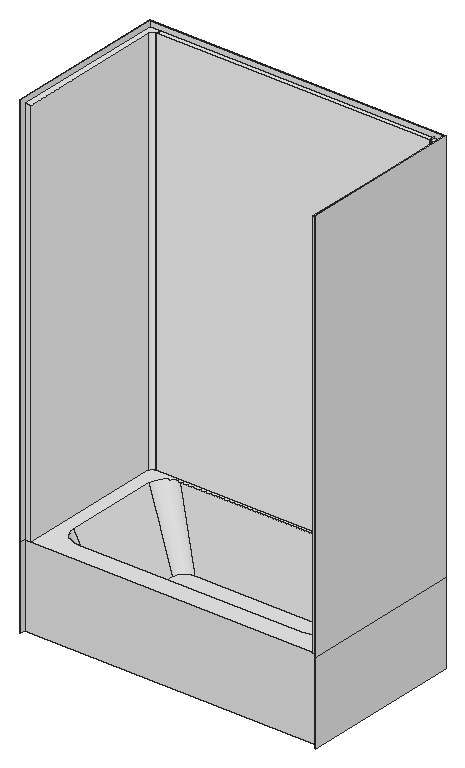
Revit family "XB3TS6032CP", category Plumbing Fixtures, Revit 2017
Family settings
  Round Connector Dimension = Use Diameter
  Part Type = Normal
  OmniClass Number = 23.45.05.14.17
  OmniClass Title = Showers
  Work Plane-Based = No
  Always vertical = Yes
  Cut with Voids When Loaded = No
  Shared = No
  Room Calculation Point = No
Parameters (values of type "XB3TS6032CP")
  Unit Width = 60"
  Unit Height = 97"
  URL = "http://www.bestbath.com"
  Type Comments = "Independent Living"
  Model = "XB3TS6032CP"
  Material [instance] = Best Bath Gelcoat Fiberglass - 4 x 8 Subway Tile
  Manufacturer = "Best Bath Systems, Inc."
  Keynote = "22 40 00.D3"
  Description = "12 X 18 Subway Tile Finish"
  Assembly Code = "D2010700"
Reference planes (in)
  plane 1 "Back": y = 1
  plane 2: z = 0.25
  plane 3 "Left": x = 0
  plane 4: x = 60
  plane 5: y = -31
  plane 6: z = 96.25
  plane 7: z = 97.25
  plane 8: x = 52
  plane 9: z = 16.75
  plane 10: y = -15
  plane 11: y = -0.25
  plane 12: x = 10
  plane 13: x = 55.5
  plane 14: y = -3.375
  plane 15: y = -24.5
  plane 16: y = -0.875
  plane 17: y = -27
  plane 18: x = 4
  plane 19: x = 57
  plane 20: x = 1.25
  plane 21: x = 58.75
  plane 22: y = -32
  plane 23: z = 36.75
Forms (in)
  Extrusion 1, solid, material "Best Bath Gelcoat Fiberglass - Smooth"
    sketch origin (0, 0, 0.25) x (1, 0, 0) y (0, 1, 0)
      loop
        line (60, -31) -> (60, 1) -> (57.75, 1) -> (57.75, -0.25)
        arc (57.75, -0.25) -> (58.45711, -0.54289) -> (58.75, -1.25) r 1
        line (58.75, -1.25) -> (58.75, -31) -> (60, -31)
      loop
        line (0, 1) -> (0, -31) -> (1.25, -31) -> (1.25, -1.25)
        arc (1.25, -1.25) -> (1.54289, -0.54289) -> (2.25, -0.25) r 1
        line (2.25, -0.25) -> (2.25, 1) -> (0, 1)
    from 16.5 to 96
  Extrusion 2, solid, material "Best Bath Gelcoat Fiberglass - Smooth"
    sketch origin (0, 0, 0.25) x (1, 0, 0) y (0, 1, 0)
      loop
        line (0, -31) -> (60, -31) -> (60, 1) -> (0, 1) -> (0, -31)
      loop
        circle (52, -15) r 1.5
    from 0 to 16.5
  Blend 3, void
    base sketch origin (0, 0, 0.25) x (1, 0, 0) y (0, 1, 0)
      loop
        arc (12.5, -3.375) -> (10.73223, -4.10723) -> (10, -5.875) r 2.5
        line (10, -5.875) -> (10, -22)
        arc (10, -22) -> (10.73223, -23.76777) -> (12.5, -24.5) r 2.5
        line (12.5, -24.5) -> (53.5, -24.5)
        arc (53.5, -24.5) -> (54.91421, -23.91421) -> (55.5, -22.5) r 2
        line (55.5, -22.5) -> (55.5, -5.375)
        arc (55.5, -5.375) -> (54.91421, -3.96079) -> (53.5, -3.375) r 2
        line (53.5, -3.375) -> (12.5, -3.375)
    top sketch origin (0, 0, 0.25) x (1, 0, 0) y (0, 1, 0)
      loop
        arc (7.5, -0.875) -> (5.02513, -1.90013) -> (4, -4.375) r 3.5
        line (4, -4.375) -> (4, -23.5)
        arc (4, -23.5) -> (5.02513, -25.97487) -> (7.5, -27) r 3.5
        line (7.5, -27) -> (53.5, -27)
        arc (53.5, -27) -> (55.97487, -25.97487) -> (57, -23.5) r 3.5
        line (57, -23.5) -> (57, -4.375)
        arc (57, -4.375) -> (55.97487, -1.90013) -> (53.5, -0.875) r 3.5
        line (53.5, -0.875) -> (7.5, -0.875)
    from 2.23617 to 16.5
  Extrusion 4, solid, material "Best Bath Gelcoat Fiberglass - Smooth"
    sketch origin (0, 0, 0.25) x (1, 0, 0) y (0, 1, 0)
      loop
        line (2.25, -0.25) -> (57.75, -0.25) -> (57.75, 1) -> (2.25, 1) -> (2.25, -0.25)
    from 16.5 to 96
  Extrusion 5, solid, material "Best Bath Gelcoat Fiberglass - Smooth"
    sketch origin (0, 0, 0.25) x (1, 0, 0) y (0, 1, 0)
      loop
        line (0, -31) -> (0, -32) -> (0.125, -32) -> (0.125, -31) -> (0, -31)
      loop
        line (60, -31) -> (59.875, -31) -> (59.875, -32) -> (60, -32) -> (60, -31)
    from 0 to 16.5
  Extrusion 6, solid, material "Best Bath Gelcoat Fiberglass - Smooth"
    sketch origin (0, 0, 0.25) x (1, 0, 0) y (0, 1, 0)
      loop
        line (0, -32) -> (0.125, -32) -> (0.125, 0.875) -> (59.875, 0.875) -> (59.875, -32) -> (60, -32) -> (60, 1) -> (0, 1) -> (0, -32)
    from 16.5 to 97
Cuts and joins
  Blend 3 cuts Extrusion 2
  joined: Extrusion 2, Extrusion 5
  joined: Extrusion 1, Extrusion 6
Lines and regions (in)
  Split face 1
    outline origin (0, -31, 16.75) x (0, 0, -1) y (1, 0, 0)
      loop
        line (12.5, 1.5) -> (12.53488, 1.5) -> (12.53488, 58.5) -> (12.5, 58.5) -> (12.5, 1.5)
Dimensions and locks (in)
  "Unit Width": plane 3 "Left" to plane 4
  locked: plane 7 to plane 6 at 1
  "Unit Height": plane 7 to level
  plane 3 "Left" to plane 8 to plane 4 = 52", 8"
  locked: plane 10 to plane 1 "Back" at 16
  locked: plane 13 to plane 4 at 4.5
  locked: plane 15 to plane 5 at 6.5
  locked: plane 3 "Left" to plane 12 at 10
  locked: plane 16 to plane 1 "Back" at 1.875
  locked: plane 17 to plane 5 at 4
  locked: plane 19 to plane 4 at 3
  locked: plane 3 "Left" to plane 18 at 4
  plane 9 to level = 16 1/2"
  locked: plane 11 to plane 1 "Back" at 1.25
  locked: plane 3 "Left" to plane 20 at 1.25
  locked: plane 21 to plane 4 at 1.25
  locked: Extrusion 1 to plane 14 at 4.375
  locked: plane 23 to plane 9 at 20
  plane 22 to plane 1 "Back" = 33"
  locked: plane 5 to plane 22 at 1
  radius of Blend 3 sketch curve = 2"  (x2)
  radius of Blend 3 sketch curve = 2 1/2"  (x2)
  radius of Blend 3 sketch curve = 3 1/2"  (x4)
  aligned and locked: level to plane 2
  aligned and locked: plane 6 to Extrusion 1
  aligned and locked: Extrusion 1 sketch curve to plane 4
  aligned and locked: plane 5 to Extrusion 1 sketch curve
  aligned and locked: Extrusion 1 sketch curve to plane 5
  aligned and locked: Extrusion 2 sketch curve to Extrusion 1  (x3)
  aligned and locked: Extrusion 2 sketch curve to plane 1 "Back"
  aligned and locked: plane 10 to Extrusion 2 sketch curve
  aligned and locked: plane 8 to Extrusion 2 sketch curve
  aligned and locked: plane 15 to Blend 3 sketch curve
  aligned and locked: Blend 3 sketch curve to plane 14
  aligned and locked: Blend 3 sketch curve to plane 13
  aligned and locked: plane 12 to Blend 3 sketch curve
  aligned and locked: plane 18 to Blend 3 sketch curve
  aligned and locked: Blend 3 sketch curve to plane 19
  aligned and locked: plane 17 to Blend 3 sketch curve
  aligned and locked: Blend 3 sketch curve to plane 16
  aligned and locked: Extrusion 1 sketch curve to plane 20
  aligned and locked: Extrusion 4 to plane 9
  aligned and locked: plane 6 to Extrusion 4
  aligned and locked: Extrusion 1 to plane 9
  aligned and locked: Blend 3 to Extrusion 1
  aligned and locked: plane 7 to Extrusion 6
Automatic sketch dimensions
  Extrusion 5 sketch curve to plane 3 "Left" = 0"
  Extrusion 5 sketch curve to plane 22 = 0"  (x2)
  Extrusion 5 sketch curve to plane 5 = 0"  (x2)
  Extrusion 5 sketch curve to plane 4 = 0"
  plane 3 "Left" to Extrusion 5 sketch curve = 1/8"
  Extrusion 5 sketch curve to Extrusion 5 sketch curve = 1/8"
  Extrusion 1 sketch curve to plane 3 "Left" = 0"
  Extrusion 1 sketch curve to plane 11 = 0"  (x2)
  plane 1 "Back" to Extrusion 1 sketch curve = 0"  (x2)
  Extrusion 1 sketch curve to plane 21 = 0"
  Extrusion 1 sketch curve to Extrusion 1 sketch curve = 1"
  Extrusion 1 sketch curve to plane 21 = 1"
  Blend 3 sketch curve to plane 14 = 0"
  plane 1 "Back" to Extrusion 4 sketch curve = 0"
  Extrusion 4 sketch curve to plane 11 = 0"
  plane 3 "Left" to Extrusion 4 sketch curve = 2 1/4"
  plane 4 to Extrusion 4 sketch curve = 2 1/4"
  cut or joined group of Extrusion 2, Blend 3, Extrusion 5 to Split face 1 sketch curve = 1 3/8"  (x2)
  Split face 1 sketch curve to cut or joined group of Extrusion 2, Blend 3, Extrusion 5 = 4"
  Split face 1 sketch curve to Split face 1 sketch curve = 0.03488"
  plane 1 "Back" to Extrusion 6 sketch curve = 0"
  Extrusion 6 sketch curve to plane 3 "Left" = 0"
  Extrusion 6 sketch curve to plane 22 = 0"  (x2)
  Extrusion 6 sketch curve to plane 4 = 0"
  plane 3 "Left" to Extrusion 6 sketch curve = 1/8"
  Extrusion 6 sketch curve to Extrusion 6 sketch curve = 1/8"
  plane 1 "Back" to Extrusion 6 sketch curve = 1/8"
  radius of Extrusion 2 sketch curve = 1 1/2"
